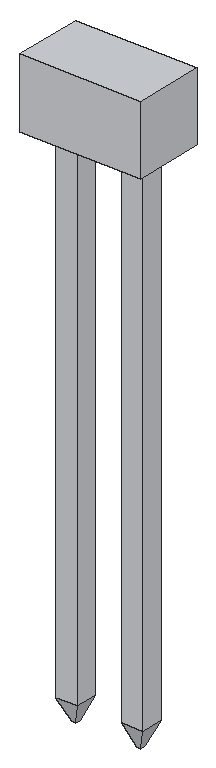
Revit family "Móng cọc 2 tim", category Structural Foundations, Revit 2018
Family settings
  Material for Model Behavior = Other
  Cap = No
  OmniClass Number = 23.25.05.00
  OmniClass Title = Foundations
  Work Plane-Based = No
  Always vertical = Yes
  Cut with Voids When Loaded = No
  Shared = No
Parameters
  c1 = 3 * Bc  # 750 mm
  a-ngam = 100 mm
  a = 50 mm
  Vật liệu móng = none
  Vật liệu cọc = none
  Lc = 6000 mm
  L = 4 * Bc + 400 mm  # 1400 mm
  H = 800 mm
  Bc = 250 mm
  B = 800 mm
Reference planes
  plane 1 "Center (Front/Back)": y = 0
  plane 2: z = 0
  plane 3 "Center (Left/Right)": x = 0
  plane 4: y = 400
  plane 5: y = -400
  plane 6: x = -700
  plane 7: x = 700
  plane 8: x = -375
  plane 9: x = 375
  plane 10: z = 800
  plane 11: z = 100
Forms (mm)
  Extrusion 1, solid, material <- "Vật liệu móng"
    sketch origin (0, 0, 0) x (1, 0, 0) y (0, 1, 0)
      loop
        line (-700, 400) -> (-700, -400) -> (700, -400) -> (700, 400) -> (-700, 400)
    from 0 to 800
Dimensions and locks
  equal spacing: plane 5, plane 1 "Center (Front/Back)", plane 4
  "B": plane 5 to plane 4
  equal spacing: plane 6, plane 3 "Center (Left/Right)", plane 7
  "L": plane 6 to plane 7
  equal spacing: plane 8, plane 3 "Center (Left/Right)", plane 9
  "c1": plane 8 to plane 9
  "a-ngam": plane 11 to level
  "H": plane 10 to level
  aligned and locked: plane 2 to level
  aligned and locked: plane 9 to nested 2
  aligned and locked: plane 1 "Center (Front/Back)" to nested 2
  aligned and locked: plane 8 to nested 1
  aligned and locked: plane 1 "Center (Front/Back)" to nested 1
  aligned and locked: plane 11 to nested 1
  aligned and locked: plane 11 to nested 2
  aligned and locked: plane 4 to Extrusion 1 sketch curve
  aligned and locked: plane 6 to Extrusion 1 sketch curve
  aligned and locked: Extrusion 1 sketch curve to plane 5
  aligned and locked: Extrusion 1 sketch curve to plane 7
  aligned and locked: plane 10 to Extrusion 1
  aligned and locked: Extrusion 1 to level
Nested families
  nested 1: "Đoạn cọc ép 250x250mm" at (-375, 0, 100), type "Đoạn cọc ép 250x250mm"
  nested 2: "Đoạn cọc ép 250x250mm" at (375, 0, 100), type "Đoạn cọc ép 250x250mm"
Definition of nested family "Đoạn cọc ép 250x250mm"
  Parameters (values of type "Đoạn cọc ép 250x250mm")
    a = 50 mm
    Vật liệu cọc = none
    L = 6000 mm
    B = 250 mm
  Reference planes
    plane 1 "Center (Front/Back)": y = 0
    plane 2: z = 0
    plane 3 "Center (Left/Right)": x = 0
    plane 4: x = 125
    plane 5: x = -125
    plane 6: y = -125
    plane 7: y = 125
    plane 8: z = -6000
    plane 9: z = -6250
    plane 10: x = 25
    plane 11: x = -25
    plane 12: y = 25
    plane 13: y = -25
  Forms (mm)
    Extrusion 1, solid, material <- "Vật liệu cọc"
      sketch origin (0, 0, 0) x (1, 0, 0) y (0, 1, 0)
        loop
          line (-125, 125) -> (-125, -125) -> (125, -125) -> (125, 125) -> (-125, 125)
      from -6000 to 0
    Blend 2, solid, material <- "Vật liệu cọc"
      base sketch origin (0, 0, 0) x (1, 0, 0) y (0, 1, 0)
        loop
          line (-25, 25) -> (-25, -25) -> (25, -25) -> (25, 25) -> (-25, 25)
      top sketch origin (0, 0, 0) x (1, 0, 0) y (0, 1, 0)
        loop
          line (-125, 125) -> (-125, -125) -> (125, -125) -> (125, 125) -> (-125, 125)
      from -6250 to -6000
  Cuts and joins
    joined: Extrusion 1, Blend 2
  Dimensions and locks
    equal spacing: plane 6, plane 1 "Center (Front/Back)", plane 7
    equal spacing: plane 5, plane 3 "Center (Left/Right)", plane 4
    "B": plane 6 to plane 7
    "B": plane 5 to plane 4
    "L": level to plane 8
    "B": plane 8 to plane 9
    equal spacing: plane 13, plane 1 "Center (Front/Back)", plane 12
    "a": plane 13 to plane 12
    equal spacing: plane 11, plane 3 "Center (Left/Right)", plane 10
    "a": plane 11 to plane 10
    aligned and locked: level to plane 2
    aligned and locked: plane 7 to Extrusion 1 sketch curve
    aligned and locked: plane 5 to Extrusion 1 sketch curve
    aligned and locked: Extrusion 1 sketch curve to plane 6
    aligned and locked: Extrusion 1 sketch curve to plane 4
    aligned and locked: Extrusion 1 to plane 8
    aligned and locked: level to Extrusion 1
    aligned and locked: Blend 2 sketch curve to Extrusion 1  (x4)
    aligned and locked: Blend 2 to plane 9
    aligned and locked: plane 8 to Blend 2
    aligned and locked: plane 12 to Blend 2 sketch curve
    aligned and locked: Blend 2 sketch curve to plane 10
    aligned and locked: Blend 2 sketch curve to plane 13
    aligned and locked: plane 11 to Blend 2 sketch curve
